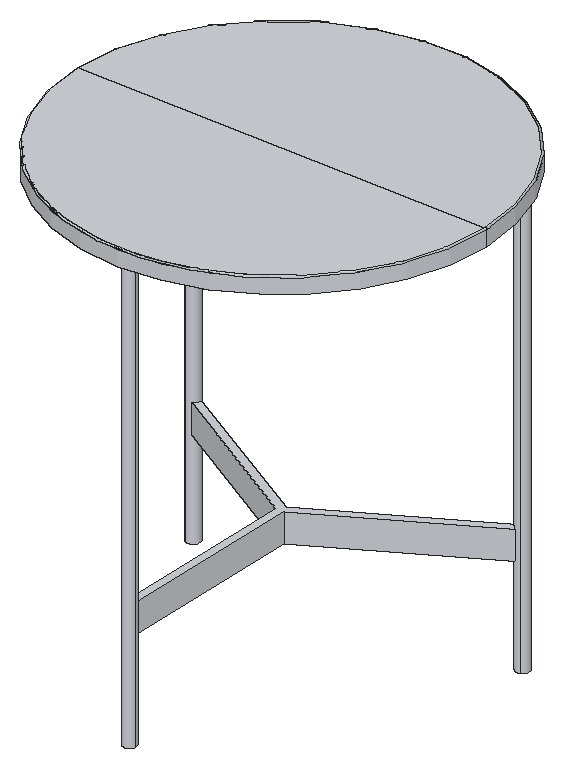
Revit family "1176 - Odette Side Table", category Furniture, Revit 2020
Family settings
  OmniClass Number = 23.40.20.00
  OmniClass Title = General Furniture and Specialties
  Work Plane-Based = No
  Always vertical = Yes
  Cut with Voids When Loaded = No
  Shared = No
  Room Calculation Point = No
Parameters
  Default Elevation = 0 mm
Reference planes
  plane 1 "Center (Front/Back)": y = 0
  plane 2: z = 0
  plane 3 "Center (Left/Right)": x = 0
  plane 4: z = 120
  plane 5: z = 155
  plane 6: z = 526.999
  plane 7: z = 529.999
  plane 8: z = 549.999
  plane 9: x = -5
  plane 10: x = 5
  plane 11: through (-237.567, 142.933, 1200) normal (0.5, 0.866, 0)
  plane 12: through (-242.567, 134.273, 1200) normal (0.5, 0.866, 0)
  plane 13: through (242.567, 134.273, 1200) normal (0.5, -0.866, 0)
  plane 14: through (237.567, 142.933, 1200) normal (0.5, -0.866, 0)
  plane 15: y = -232
  plane 16: through (-196.939, 122.891, 1200) normal (0.866, -0.5, 0)
  plane 17: through (204.897, 109.108, 1200) normal (-0.866, -0.5, 0)
Forms (mm)
  Revolve 1, solid
    sketch origin (0, 0, 0) x (1, 0, 0) y (0, 0, 1)
      loop
        line (0, 549.999) -> (0, 529.999) -> (249.779, 529.999) -> (249.779, 548.466)
        arc (249.779, 548.466) -> (249.33, 549.55) -> (248.246, 549.999) r 1.533
        line (248.246, 549.999) -> (0, 549.999)
      axis (0, 549.999) -> (0, 529.999)
    angle from 0 to 360
  Revolve 2, solid
    sketch origin (0, 0, 0) x (1, 0, 0) y (0, 0, 1)
      loop
        line (0, 529.999) -> (0, 526.999) -> (240, 526.999) -> (240, 529.999) -> (0, 529.999)
      axis (0, 529.999) -> (0, 526.999)
    angle from 0 to 360
  Extrusion 3, solid
    sketch origin (0, 0, 0) x (1, 0, 0) y (0, 1, 0)
      loop
        circle (0, -232) r 7.958
    from 0 to 526.999
  Extrusion 4, solid
    sketch origin (0, 0, 0) x (-0.5, -0.866025, 0) y (0.866025, -0.5, 0)
      loop
        circle (0, -232) r 7.958
    from 0 to 526.999
  Extrusion 5, solid
    sketch origin (0, 0, 0) x (-0.5, 0.866025, 0) y (-0.866025, -0.5, 0)
      loop
        circle (0, -232) r 7.958
    from 0 to 526.999
  Extrusion 6, solid
    sketch origin (0, 0, 0) x (1, 0, 0) y (0, 1, 0)
      loop
        line (-198.418, 120.33) -> (-203.418, 111.67) -> (-5, -2.887) -> (-5, -232) -> (5, -232) -> (5, -2.887) -> (203.418, 111.67) -> (198.418, 120.33) -> (0, 5.774) -> (-198.418, 120.33)
    from 120 to 155
Dimensions and locks
  aligned and locked: level to plane 2
